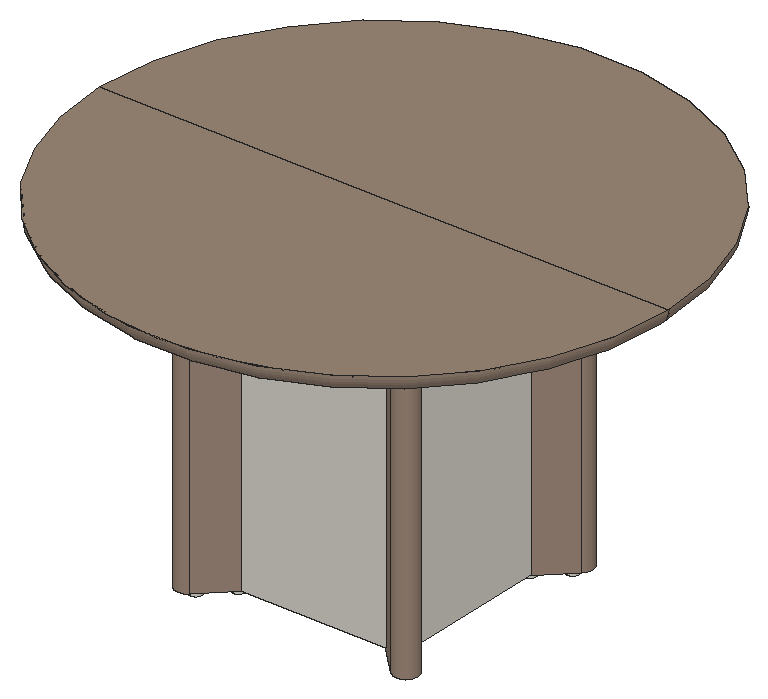
Revit family "Table-Teknion-CFRHBN_Figure_Table_Round_Gable_Enclosed_Base_Half_Bullnose_Edge-R2023", category Furniture, Revit 2023 (continued)
Definition of nested family "7 Inch Compact Recessed Access Door"
  Lines and regions (in)
    Masking region 1
      outline origin (0, 0, 0) x (1, 0, 0) y (0, 1, 0)
        loop
          arc (1347.01181, -147.48427) -> (1346.84758, -147.5523) -> (1346.77955, -147.71654) r 0.23226
          line (1346.77955, -147.71654) -> (1346.77955, -148.44827)
        loop
          line (1346.77955, -151.55173) -> (1346.77955, -152.28346)
          arc (1346.77955, -152.28346) -> (1346.84758, -152.4477) -> (1347.01181, -152.51573) r 0.23226
          line (1347.01181, -152.51573) -> (1352.98819, -152.51573)
          arc (1352.98819, -152.51573) -> (1353.15242, -152.4477) -> (1353.22045, -152.28346) r 0.23226
          line (1353.22045, -152.28346) -> (1353.22045, -151.55173) -> (1353.14837, -151.55173) -> (1353.14837, -151.85039)
          arc (1353.14837, -151.85039) -> (1353.11414, -151.93304) -> (1353.0315, -151.96727) r 0.11687
          line (1353.0315, -151.96727) -> (1346.9685, -151.96727)
          arc (1346.9685, -151.96727) -> (1346.88586, -151.93304) -> (1346.85163, -151.85039) r 0.11687
          line (1346.85163, -151.85039) -> (1346.85163, -151.55173) -> (1346.77955, -151.55173)
    symbolic lines
      curve 1: line (1346.73992, -152.28346, 0) -> (1346.73992, -147.71654, 0)
      curve 2: line (1347.01181, -147.44465, 0) -> (1352.98819, -147.44465, 0)
      curve 3: arc (1346.73992, -147.71654, 0) -> (1346.81956, -147.52428, 0) -> (1347.01181, -147.44465, 0) r 0.27189
      curve 4: line (1353.26008, -147.71654, 0) -> (1353.26008, -152.28346, 0)
      curve 5: arc (1352.98819, -147.44465, 0) -> (1353.18044, -147.52428, 0) -> (1353.26008, -147.71654, 0) r 0.27189
      curve 6: line (1352.98819, -152.55535, 0) -> (1347.01181, -152.55535, 0)
      curve 7: arc (1353.26008, -152.28346, 0) -> (1353.18044, -152.47572, 0) -> (1352.98819, -152.55535, 0) r 0.27189
      curve 8: arc (1347.01181, -152.55535, 0) -> (1346.81956, -152.47572, 0) -> (1346.73992, -152.28346, 0) r 0.27189
      curve 9: line (1346.85163, -148.14961, 0) -> (1346.85163, -151.85039, 0)
      curve 10: line (1353.14837, -151.85039, 0) -> (1353.14837, -148.14961, 0)
      curve 11: line (1346.77955, -147.71654, 0) -> (1346.77955, -152.28346, 0)
      curve 12: line (1353.22045, -147.71654, 0) -> (1353.22045, -152.28346, 0)
      curve 47: line (1346.85163, -148.14961, 0) -> (1346.85163, -151.85039, 0)
      curve 48: line (1353.0315, -148.03273, 0) -> (1346.9685, -148.03273, 0)
      curve 49: arc (1346.9685, -148.03273, 0) -> (1346.88586, -148.06696, 0) -> (1346.85163, -148.14961, 0) r 0.11687
      curve 50: line (1353.14837, -151.85039, 0) -> (1353.14837, -148.14961, 0)
      curve 51: arc (1353.14837, -148.14961, 0) -> (1353.11414, -148.06696, 0) -> (1353.0315, -148.03273, 0) r 0.11687
      curve 52: line (1346.9685, -151.96727, 0) -> (1353.0315, -151.96727, 0)
      curve 53: arc (1353.0315, -151.96727, 0) -> (1353.11414, -151.93304, 0) -> (1353.14837, -151.85039, 0) r 0.11687
      curve 54: arc (1346.85163, -151.85039, 0) -> (1346.88586, -151.93304, 0) -> (1346.9685, -151.96727, 0) r 0.11687
      curve 55: line (1346.77955, -152.28346, 0) -> (1346.77955, -151.55173, 0)
      curve 56: line (1352.98819, -152.51573, 0) -> (1347.01181, -152.51573, 0)
      curve 57: arc (1347.01181, -152.51573, 0) -> (1346.84758, -152.4477, 0) -> (1346.77955, -152.28346, 0) r 0.23226
      curve 58: line (1353.22045, -151.55173, 0) -> (1353.22045, -152.28346, 0)
      curve 59: arc (1353.22045, -152.28346, 0) -> (1353.15242, -152.4477, 0) -> (1352.98819, -152.51573, 0) r 0.23226
      curve 60: line (1346.77955, -148.44827, 0) -> (1346.77955, -147.71654, 0)
      curve 61: line (1347.01181, -147.48427, 0) -> (1352.98819, -147.48427, 0)
      curve 62: arc (1346.77955, -147.71654, 0) -> (1346.84758, -147.5523, 0) -> (1347.01181, -147.48427, 0) r 0.23226
      curve 63: line (1353.22045, -147.71654, 0) -> (1353.22045, -148.44827, 0)
      curve 64: arc (1352.98819, -147.48427, 0) -> (1353.15242, -147.5523, 0) -> (1353.22045, -147.71654, 0) r 0.23226
      curve 65: line (1353.04331, -147.19685, 0) -> (1346.95669, -147.19685, 0)
      curve 66: arc (1346.95669, -147.19685, 0) -> (1346.62819, -147.33292, 0) -> (1346.49213, -147.66142, 0) r 0.46457
      curve 67: line (1346.49213, -147.66142, 0) -> (1346.49213, -152.33858, 0)
      curve 68: arc (1346.49213, -152.33858, 0) -> (1346.62819, -152.66708, 0) -> (1346.95669, -152.80315, 0) r 0.46457
      curve 69: line (1346.95669, -152.80315, 0) -> (1353.04331, -152.80315, 0)
      curve 70: arc (1353.04331, -152.80315, 0) -> (1353.37181, -152.66708, 0) -> (1353.50787, -152.33858, 0) r 0.46457
      curve 71: line (1353.50787, -152.33858, 0) -> (1353.50787, -147.66142, 0)
      curve 72: arc (1353.50787, -147.66142, 0) -> (1353.37181, -147.33292, 0) -> (1353.04331, -147.19685, 0) r 0.46457
    symbolic lines, detail levels medium+fine
      curve 13: line (1347.54528, -150.97283, 0) -> (1348.02559, -150.97283, 0)
      curve 14: line (1348.02559, -150.97283, 0) -> (1348.02559, -151.5626, 0)
      curve 15: line (1348.02559, -151.5626, 0) -> (1347.54528, -151.5626, 0)
      curve 16: line (1347.54528, -151.5626, 0) -> (1347.54528, -150.97283, 0)
      curve 17: line (1351.97441, -148.4374, 0) -> (1352.45472, -148.4374, 0)
      curve 18: line (1351.97441, -149.02717, 0) -> (1351.97441, -148.4374, 0)
      curve 19: line (1352.45472, -149.02717, 0) -> (1351.97441, -149.02717, 0)
      curve 20: line (1352.45472, -148.4374, 0) -> (1352.45472, -149.02717, 0)
      curve 21: line (1347.05512, -148.44685, 0) -> (1347.47244, -148.44685, 0)
      curve 22: line (1347.05512, -151.55315, 0) -> (1347.05512, -148.44685, 0)
      curve 23: line (1347.47244, -151.55315, 0) -> (1347.05512, -151.55315, 0)
      curve 24: line (1347.47244, -148.44685, 0) -> (1347.47244, -151.55315, 0)
      curve 25: line (1347.02362, -151.55173, 0) -> (1346.73992, -151.55173, 0)
      curve 26: line (1347.02362, -151.55173, 0) -> (1347.02362, -148.44827, 0)
      curve 27: line (1347.02362, -148.44827, 0) -> (1346.73992, -148.44827, 0)
      curve 28: line (1346.77955, -148.55314, 0) -> (1347.41732, -148.55314, 0)
      curve 29: line (1347.41732, -148.55314, 0) -> (1347.41732, -151.44686, 0)
      curve 30: line (1347.41732, -151.44686, 0) -> (1346.77955, -151.44686, 0)
      curve 31: line (1347.02362, -149.80673, 0) -> (1346.93307, -149.80673, 0)
      curve 32: line (1346.93307, -149.80673, 0) -> (1346.93307, -150.19327, 0)
      curve 33: line (1346.93307, -150.19327, 0) -> (1347.02362, -150.19327, 0)
      curve 34: line (1352.94488, -148.44685, 0) -> (1352.52756, -148.44685, 0)
      curve 35: line (1352.94488, -151.55315, 0) -> (1352.94488, -148.44685, 0)
      curve 36: line (1352.52756, -151.55315, 0) -> (1352.94488, -151.55315, 0)
      curve 37: line (1352.52756, -148.44685, 0) -> (1352.52756, -151.55315, 0)
      curve 38: line (1352.97638, -151.55173, 0) -> (1353.26008, -151.55173, 0)
      curve 39: line (1352.97638, -151.55173, 0) -> (1352.97638, -148.44827, 0)
      curve 40: line (1352.97638, -148.44827, 0) -> (1353.26008, -148.44827, 0)
      curve 41: line (1353.22045, -148.55314, 0) -> (1352.58268, -148.55314, 0)
      curve 42: line (1352.58268, -148.55314, 0) -> (1352.58268, -151.44686, 0)
      curve 43: line (1352.58268, -151.44686, 0) -> (1353.22045, -151.44686, 0)
      curve 44: line (1352.97638, -149.80673, 0) -> (1353.06693, -149.80673, 0)
      curve 45: line (1353.06693, -149.80673, 0) -> (1353.06693, -150.19327, 0)
      curve 46: line (1353.06693, -150.19327, 0) -> (1352.97638, -150.19327, 0)
  Dimensions and locks (in)
    plane 4 "Left" to plane 5 "Right" = 7.01575"
    plane 6 "Back" to plane 7 "Front" = 5.6063"
    locked: plane 8 "Top" to level at 29.06
    equal spacing: plane 7 "Front", plane 1 "Center Front/Back", plane 6 "Back"
    equal spacing: plane 4 "Left", plane 3 "Center Left/Right", plane 5 "Right"
    plane 9 to plane 8 "Top" to plane 10 = 0.07087" locked, 1.50394" locked
    aligned and locked: level to plane 2
    aligned and locked: Sweep 6 sketch curve to plane 3 "Center Left/Right"
    aligned and locked: plane 3 "Center Left/Right" to SweptBlend 8 sketch curve
    aligned and locked: Sweep 10 sketch curve to plane 1 "Center Front/Back"
  Automatic sketch dimensions
    Sweep 1 sketch curve to plane 3 "Center Left/Right" = 0.000"
    Sweep 1 sketch curve to plane 8 "Top" = 0.12598"
    plane 8 "Top" to Sweep 1 sketch curve = 0.0315"
    Sweep 1 sketch curve to plane 1 "Center Front/Back" = 1.96727"
    Sweep 1 sketch curve to Sweep 1 sketch curve = 0.11687"  (x3)
    plane 1 "Center Front/Back" to Sweep 1 sketch curve = 1.85039"  (x2)
    profile plane to Sweep 1 sketch curve = 3.14837"
    Sweep 1 sketch curve to profile plane = 3.0315"
    plane 4 "Left" to Sweep 2 sketch curve = 1.05315"
    plane 1 "Center Front/Back" to Sweep 2 sketch curve = 0.97077"
    Sweep 2 sketch curve to Sweep 2 sketch curve = 0.48031"
    Sweep 2 sketch curve to profile plane = 0.000"
    profile plane to Sweep 2 sketch curve = 0.01169"
    Sweep 2 sketch curve to Sweep 2 sketch curve = 0.28526"
    Sweep 2 sketch curve to Sweep 2 sketch curve = 0.01169"
    level to Sweep 2 sketch curve = 28.65831"
    Sweep 2 sketch curve to Sweep 2 sketch curve = 0.33476"
    plane 5 "Right" to Sweep 3 sketch curve = 1.53346"
    Sweep 3 sketch curve to plane 6 "Back" = 1.23848"
    Sweep 3 sketch curve to Sweep 3 sketch curve = 0.48031"
    Sweep 3 sketch curve to profile plane = 0.000"
    profile plane to Sweep 3 sketch curve = 0.01169"
    Sweep 3 sketch curve to Sweep 3 sketch curve = 0.28526"
    Sweep 3 sketch curve to Sweep 3 sketch curve = 0.01169"
    level to Sweep 3 sketch curve = 28.65831"
    Sweep 3 sketch curve to Sweep 3 sketch curve = 0.33476"
    plane 1 "Center Front/Back" to Sweep 4 sketch curve = 0.000"
    plane 4 "Left" to Sweep 4 sketch curve = 0.56299"
    Sweep 4 sketch curve to Sweep 4 sketch curve = 0.41732"
    Sweep 4 sketch curve to Sweep 4 sketch curve = 0.000"  (x4)
    profile plane to Sweep 4 sketch curve = 1.26772"
    Sweep 4 sketch curve to profile plane = 1.26772"
    level to Sweep 4 sketch curve = 28.38283"
    Sweep 4 sketch curve to Sweep 4 sketch curve = 0.28543"
    plane 1 "Center Front/Back" to Sweep 5 sketch curve = 0.000"
    plane 5 "Right" to Sweep 5 sketch curve = 0.56299"
    Sweep 5 sketch curve to Sweep 5 sketch curve = 0.41732"
    Sweep 5 sketch curve to Sweep 5 sketch curve = 0.000"  (x4)
    profile plane to Sweep 5 sketch curve = 1.26772"
    Sweep 5 sketch curve to profile plane = 1.26772"
    level to Sweep 5 sketch curve = 28.38283"
    Sweep 5 sketch curve to Sweep 5 sketch curve = 0.28543"
    Sweep 6 sketch curve to plane 10 = 0.000"
    Sweep 6 sketch curve to Sweep 6 sketch curve = 0.74566"
    Sweep 6 sketch curve to Sweep 6 sketch curve = 0.000"  (x8)
    Sweep 6 sketch curve to plane 1 "Center Front/Back" = 2.60628"
    Sweep 6 sketch curve to Sweep 6 sketch curve = 0.09055"  (x2)
    Sweep 6 sketch curve to Sweep 6 sketch curve = 0.23226"  (x3)
    Sweep 6 sketch curve to Sweep 6 sketch curve = 0.8366"  (x4)
    Sweep 6 sketch curve to Sweep 6 sketch curve = 0.09061"  (x4)
    plane 1 "Center Front/Back" to Sweep 6 sketch curve = 1.35626"  (x2)
    profile plane to Sweep 6 sketch curve = 3.311"
    Sweep 6 sketch curve to Sweep 6 sketch curve = 0.63777"
    Sweep 6 sketch curve to profile plane = 2.58268"
    Sweep 6 sketch curve to Sweep 6 sketch curve = 0.40551"
    SweptBlend 7 sketch curve to plane 3 "Center Left/Right" = 0.000"
    SweptBlend 7 sketch curve to plane 8 "Top" = 0.000"
    plane 10 to SweptBlend 7 sketch curve = 0.74566"
    profile plane to SweptBlend 7 sketch curve = 3.311"
    SweptBlend 7 sketch curve to SweptBlend 7 sketch curve = 0.32281"  (x3)
    SweptBlend 7 sketch curve to profile plane = 2.98819"  (x4)
    SweptBlend 7 sketch curve to plane 1 "Center Front/Back" = 2.60628"
    plane 1 "Center Front/Back" to SweptBlend 7 sketch curve = 2.28346"  (x2)
    profile plane to SweptBlend 7 sketch curve = 3.35074"
    SweptBlend 7 sketch curve to SweptBlend 7 sketch curve = 0.36255"  (x3)
    SweptBlend 7 sketch curve to plane 1 "Center Front/Back" = 2.64602"
    SweptBlend 8 sketch curve to plane 9 = 0.000"
    plane 10 to SweptBlend 8 sketch curve = 0.74566"
    profile plane to SweptBlend 8 sketch curve = 3.22045"
    SweptBlend 8 sketch curve to SweptBlend 8 sketch curve = 0.23226"  (x3)
    SweptBlend 8 sketch curve to profile plane = 2.98819"  (x4)
    SweptBlend 8 sketch curve to plane 1 "Center Front/Back" = 2.51573"
    plane 1 "Center Front/Back" to SweptBlend 8 sketch curve = 2.28346"  (x2)
    profile plane to SweptBlend 8 sketch curve = 3.26378"
    SweptBlend 8 sketch curve to SweptBlend 8 sketch curve = 0.27559"  (x3)
    SweptBlend 8 sketch curve to plane 1 "Center Front/Back" = 2.28346"
    Sweep 9 sketch curve to plane 3 "Center Left/Right" = 0.000"
    Sweep 9 sketch curve to plane 8 "Top" = 0.000"
    Sweep 9 sketch curve to plane 9 = 0.000"
    Sweep 9 sketch curve to plane 1 "Center Front/Back" = 2.80315"
    Sweep 9 sketch curve to Sweep 9 sketch curve = 0.2478"  (x2)
    Sweep 9 sketch curve to Sweep 9 sketch curve = 0.21677"  (x4)
    Sweep 9 sketch curve to Sweep 9 sketch curve = 0.05512"  (x5)
    plane 1 "Center Front/Back" to Sweep 9 sketch curve = 2.28346"  (x2)
    profile plane to Sweep 9 sketch curve = 3.50787"
    Sweep 9 sketch curve to profile plane = 2.98819"
    plane 4 "Left" to Sweep 10 sketch curve = 0.22679"
    Sweep 10 sketch curve to Sweep 10 sketch curve = 0.30471"
    profile plane to Sweep 10 sketch curve = 1.55173"
    Sweep 10 sketch curve to Sweep 10 sketch curve = 0.01431"
    Sweep 10 sketch curve to Sweep 10 sketch curve = 0.07874"  (x2)
    Sweep 10 sketch curve to Sweep 10 sketch curve = 0.00137"  (x2)
    Sweep 10 sketch curve to Sweep 10 sketch curve = 0.23608"  (x2)
    Sweep 10 sketch curve to profile plane = 1.30134"
    Sweep 10 sketch curve to Sweep 10 sketch curve = 0.17027"
    level to Sweep 10 sketch curve = 28.30409"
    Sweep 10 sketch curve to Sweep 10 sketch curve = 0.000"
    Sweep 10 sketch curve to Sweep 10 sketch curve = 0.03937"
    Sweep 10 sketch curve to Sweep 10 sketch curve = 0.3622"  (x2)
    Sweep 10 sketch curve to Sweep 10 sketch curve = 0.00824"
    plane 1 "Center Front/Back" to Sweep 11 sketch curve = 0.000"
    plane 5 "Right" to Sweep 11 sketch curve = 0.22679"
    Sweep 11 sketch curve to Sweep 11 sketch curve = 0.30471"
    profile plane to Sweep 11 sketch curve = 1.55173"
    Sweep 11 sketch curve to Sweep 11 sketch curve = 0.01431"
    Sweep 11 sketch curve to Sweep 11 sketch curve = 0.07874"  (x2)
    Sweep 11 sketch curve to Sweep 11 sketch curve = 0.00137"  (x2)
    Sweep 11 sketch curve to Sweep 11 sketch curve = 0.23608"  (x2)
    Sweep 11 sketch curve to profile plane = 1.30134"
    Sweep 11 sketch curve to Sweep 11 sketch curve = 0.17027"
    level to Sweep 11 sketch curve = 28.30409"
    Sweep 11 sketch curve to Sweep 11 sketch curve = 0.000"
    Sweep 11 sketch curve to Sweep 11 sketch curve = 0.03937"
    Sweep 11 sketch curve to Sweep 11 sketch curve = 0.3622"  (x2)
    Sweep 11 sketch curve to Sweep 11 sketch curve = 0.00824"
    plane 1 "Center Front/Back" to Sweep 12 sketch curve = 0.000"
    plane 4 "Left" to Sweep 12 sketch curve = 0.44094"
    plane 5 "Right" to Sweep 12 sketch curve = 0.44094"
    profile plane to Sweep 12 sketch curve = 0.19327"
    Sweep 12 sketch curve to profile plane = 0.17902"
    Sweep 12 sketch curve to profile plane = 0.19327"
    Sweep 12 sketch curve to Sweep 12 sketch curve = 0.40783"  (x2)
    level to Sweep 12 sketch curve = 28.53406"
    profile plane to Sweep 12 sketch curve = 0.17902"
    Sweep 12 sketch curve to Sweep 12 sketch curve = 0.00625"
    Masking region 1 sketch curve to plane 4 "Left" = 0.000"
    Masking region 1 sketch curve to plane 6 "Back" = 0.000"
    plane 7 "Front" to Masking region 1 sketch curve = 0.000"
    Masking region 1 sketch curve to plane 5 "Right" = 0.000"
    plane 4 "Left" to Masking region 1 sketch curve = 0.28742"  (x2)
    Masking region 1 sketch curve to Masking region 1 sketch curve = 0.07208"  (x3)
    Masking region 1 sketch curve to Masking region 1 sketch curve = 0.17714"  (x2)
    plane 4 "Left" to Masking region 1 sketch curve = 0.46457"
    Masking region 1 sketch curve to Masking region 1 sketch curve = 0.11687"  (x4)
    Masking region 1 sketch curve to Masking region 1 sketch curve = 0.05512"  (x5)
    Masking region 1 sketch curve to plane 7 "Front" = 0.28742"
    plane 5 "Right" to Masking region 1 sketch curve = 0.51969"  (x2)
    Masking region 1 sketch curve to Masking region 1 sketch curve = 0.04331"  (x2)
    Masking region 1 sketch curve to Masking region 1 sketch curve = 0.3162"
    Masking region 1 sketch curve to Masking region 1 sketch curve = 0.29867"  (x3)
    Masking region 1 sketch curve to Masking region 1 sketch curve = 0.78686"  (x2)
    plane 4 "Left" to curve 1 = 0.2478"
    curve 31 to plane 1 "Center Front/Back" = 0.19327"
    plane 4 "Left" to curve 31 = 0.44094"
    curve 3 to curve 3 = 0.27189"
    curve 6 to plane 7 "Front" = 0.2478"
    curve 8 to curve 6 = 0.27189"
    curve 25 to curve 26 = 0.2837"
    curve 25 to curve 23 = 0.0315"
    curve 21 to curve 29 = 0.3622"
    curve 29 to curve 23 = 0.05512"
    curve 29 to curve 16 = 0.12795"
    curve 15 to curve 15 = 0.48031"
    plane 5 "Right" to curve 17 = 1.53346"
    curve 18 to curve 20 = 0.48031"
    plane 5 "Right" to curve 37 = 0.98031"
    curve 34 to curve 41 = 0.05512"
    curve 41 to curve 35 = 0.3622"
    curve 34 to curve 40 = 0.0315"
    curve 2 to plane 6 "Back" = 0.2478"
    plane 5 "Right" to curve 2 = 0.51969"
    plane 5 "Right" to curve 7 = 0.51969"
    curve 46 to curve 45 = 0.09055"
    plane 5 "Right" to curve 4 = 0.2478"
    curve 7 to curve 36 = 0.73031"
    curve 15 to curve 24 = 0.00945"
    curve 22 to curve 26 = 0.00142"
    curve 35 to curve 38 = 0.00142"
    curve 36 to curve 43 = 0.10628"
    curve 23 to curve 30 = 0.10628"
    curve 14 to curve 13 = 0.58977"
    plane 1 "Center Front/Back" to curve 32 = 0.19327"
    plane 1 "Center Front/Back" to curve 46 = 0.19327"
    curve 44 to plane 1 "Center Front/Back" = 0.19327"
    curve 44 to curve 19 = 0.77956"
    curve 19 to curve 42 = 0.47404"
    curve 28 to curve 26 = 0.10486"
    curve 41 to curve 39 = 0.10486"
    curve 39 to curve 34 = 0.00142"
    curve 26 to curve 21 = 0.00142"
    curve 34 to curve 17 = 0.00945"
    curve 25 to curve 9 = 0.11171"
    curve 10 to curve 40 = 0.11171"
    curve 12 to curve 7 = 0.03963"
    curve 8 to curve 11 = 0.000"
    curve 10 to curve 38 = 0.29867"
    curve 9 to curve 25 = 0.29867"
    curve 40 to curve 10 = 0.29867"
    curve 27 to curve 9 = 0.29867"
    curve 3 to curve 11 = 0.000"
    curve 12 to curve 5 = 0.000"
    curve 49 to curve 49 = 0.11687"
    curve 48 to curve 10 = 0.11687"
    curve 53 to curve 53 = 0.11687"
    curve 9 to curve 52 = 0.11687"
    curve 8 to curve 57 = 0.000"
    curve 56 to curve 6 = 0.000"
    curve 3 to curve 62 = 0.000"
    curve 61 to curve 2 = 0.000"
    curve 67 to plane 4 "Left" = 0.000"
    curve 65 to plane 6 "Back" = 0.000"
    plane 7 "Front" to curve 68 = 0.000"
    curve 70 to plane 5 "Right" = 0.000"
    curve 65 to curve 2 = 0.05512"
    curve 68 to curve 8 = 0.05512"
    curve 5 to curve 72 = 0.05512"
    curve 7 to curve 70 = 0.05512"
Definition of nested family "12 Inch Standard Recessed Access Door"
  Parameters (values of type "12 Inch Compact Recessed Access Door")
    Warranty = "http://www.teknion.com/ca/papers/legal-canada"
    Unit Weight URL = "http://www.teknion.com/ca/tools/assets#&asset=bee6a381-b954-425e-8283-5a2de3a804f2,f828d448-4b62-4231-9e5f-9a8991c0ed77"
    URL = "www.teknion.com"
    To render please download texture images found here [instance] = "https://assets.teknion.com/web/5e81352c1dfdb467/revit-material-swatches/"
    Sustainability Data = "https://www.teknion.com/ca/tools/assets#&topic=216f99a5-57a0-44fc-b10a-9dee9b29ae4c&asset=444deb64-fe58-4b68-981e-f75e97781df7,b4ff2d81-9f2e-437d-9659-7cffb09c31cf"
    Series = ""
    Product Page URL = ""
    Product Line = ""
    Product Documentation Link = ""
    Part Number = ""
    Model = "1"
    Manufacturer Phone = "416-661-3370"  # constant formula
    Manufacturer Fax = "416.661.4586"  # constant formula
    Manufacturer Contact Information = "http://www.teknion.com/ca/contactus"
    Manufacturer Address = "1150 Flint Road, Toronto, ON. M3J 2J5. Canada"  # constant formula
    Manufacturer = "Teknion"  # constant formula
    How To Use Teknion Materials User Guide [instance] = "https://assets.teknion.com/m/205dd0a49fa58060/original/How-to-add-a-Material-Library-and-Texture-Images-to-your-Revit-project.pdf"
    For Additional Finishes please visit [instance] = "https://assets.teknion.com/m/44a8009b046e5d47/original/Teknion_Materials_Library.zip"
    Finish [instance] = none
    Description = "12 Inch Compact Recessed Access Door"
    Default Elevation = 0.000"
    Assembly Code = "E2020200"
  Reference planes (in)
    plane 1 "Center Front/Back": y = -150
    plane 2: z = 0
    plane 3 "Center Left/Right": x = 1350
    plane 4 "Left": x = 1343.97244
    plane 5 "Right": x = 1356.02756
    plane 6 "Back": y = -147.19685
    plane 7 "Front": y = -152.80315
    plane 8 "Top": z = 29.06
    plane 9: z = 29.13087
    plane 10: z = 27.55606
  Forms (in)
    Sweep 1, solid, material <- "Finish"
      path origin (0, -150, 0) x (1, 0, 0) y (0, 0, 1)
        loop
          line (1350, 29.0915) -> (1350, 28.93402)
      profile origin (1350, -150, 29.01276) x (0, -1, 0) y (1, 0, 0)
        loop
          line (-1.96727, 5.55118) -> (-1.96727, -5.55118)
          arc (-1.96727, -5.55118) -> (-1.93304, -5.63382) -> (-1.85039, -5.66805) r 0.11687
          line (-1.85039, -5.66805) -> (1.85039, -5.66805)
          arc (1.85039, -5.66805) -> (1.93304, -5.63382) -> (1.96727, -5.55118) r 0.11687
          line (1.96727, -5.55118) -> (1.96727, 5.55118)
          arc (1.96727, 5.55118) -> (1.93304, 5.63382) -> (1.85039, 5.66805) r 0.11687
          line (1.85039, 5.66805) -> (-1.85039, 5.66805)
          arc (-1.85039, 5.66805) -> (-1.93304, 5.63382) -> (-1.96727, 5.55118) r 0.11687
    Sweep 2, solid, material <- "Finish"
      path origin (0, 0, 0) x (1, 0, 0) y (0, 1, 0)
        loop
          line (1345.02559, -150.97077) -> (1345.50591, -150.97077)
      profile origin (1345.26575, -150.97077, 0) x (0, 1, 0) y (0, 0, 1)
        loop
          arc (-0.58221, 28.65831) -> (-0.29695, 28.37305) -> (-0.01169, 28.65831) r 0.28526
          line (-0.01169, 28.65831) -> (0, 28.99307) -> (-0.5939, 28.99307) -> (-0.58221, 28.65831)
    Sweep 3, solid, material <- "Finish"
      path origin (4.42913, 2.53543, 0) x (1, 0, 0) y (0, 1, 0)
        loop
          line (1350.06496, -150.97077) -> (1350.54528, -150.97077)
      profile origin (1354.73425, -148.43533, 0) x (0, 1, 0) y (0, 0, 1)
        loop
          arc (-0.58221, 28.65831) -> (-0.29695, 28.37305) -> (-0.01169, 28.65831) r 0.28526
          line (-0.01169, 28.65831) -> (0, 28.99307) -> (-0.5939, 28.99307) -> (-0.58221, 28.65831)
    Sweep 4, solid, material <- "Finish"
      path origin (0, 0, 0) x (1, 0, 0) y (0, 1, 0)
        loop
          line (1344.95276, -150) -> (1344.53543, -150)
      profile origin (1344.74409, -150, 0) x (0, -1, 0) y (0, 0, 1)
        loop
          line (1.26772, 28.9537) -> (-1.26772, 28.9537)
          arc (-1.26772, 28.9537) -> (-1.46955, 28.8701) -> (-1.55315, 28.66827) r 0.28543
          arc (-1.55315, 28.66827) -> (-1.46955, 28.46644) -> (-1.26772, 28.38283) r 0.28543
          line (-1.26772, 28.38283) -> (1.26772, 28.38283)
          arc (1.26772, 28.38283) -> (1.46955, 28.46644) -> (1.55315, 28.66827) r 0.28543
          arc (1.55315, 28.66827) -> (1.46955, 28.8701) -> (1.26772, 28.9537) r 0.28543
    Sweep 5, solid, material <- "Finish"
      path origin (2700, 0, 0) x (-1, 0, 0) y (0, -1, 0)
        loop
          line (1344.95276, 150) -> (1344.53543, 150)
      profile origin (1355.25591, -150, 0) x (0, 1, 0) y (0, 0, 1)
        loop
          arc (-1.26772, 28.9537) -> (-1.46955, 28.8701) -> (-1.55315, 28.66827) r 0.28543
          arc (-1.55315, 28.66827) -> (-1.46955, 28.46644) -> (-1.26772, 28.38283) r 0.28543
          line (-1.26772, 28.38283) -> (1.26772, 28.38283)
          arc (1.26772, 28.38283) -> (1.46955, 28.46644) -> (1.55315, 28.66827) r 0.28543
          arc (1.55315, 28.66827) -> (1.46955, 28.8701) -> (1.26772, 28.9537) r 0.28543
          line (1.26772, 28.9537) -> (-1.26772, 28.9537)
    Sweep 6, solid, material <- "Finish"
      path origin (0, -150, 0) x (1, 0, 0) y (0, 0, 1)
        loop
          line (1350, 28.30172) -> (1350, 27.55606)
      profile origin (1350, -150, 27.92889) x (0, -1, 0) y (1, 0, 0)
        loop
          line (1.35626, -5.83069) -> (2.28346, -5.83069)
          arc (2.28346, -5.83069) -> (2.51173, -5.73614) -> (2.60628, -5.50787) r 0.32281
          line (2.60628, -5.50787) -> (2.60628, 5.50787)
          arc (2.60628, 5.50787) -> (2.51173, 5.73614) -> (2.28346, 5.83069) r 0.32281
          line (2.28346, 5.83069) -> (1.35626, 5.83069) -> (-1.35626, 5.83069) -> (-2.28346, 5.83069)
          arc (-2.28346, 5.83069) -> (-2.51173, 5.73614) -> (-2.60628, 5.50787) r 0.32281
          line (-2.60628, 5.50787) -> (-2.60628, -5.50787)
          arc (-2.60628, -5.50787) -> (-2.51173, -5.73614) -> (-2.28346, -5.83069) r 0.32281
          line (-2.28346, -5.83069) -> (-1.35626, -5.83069) -> (1.35626, -5.83069)
        loop
          arc (2.28346, -5.74014) -> (2.4477, -5.67211) -> (2.51573, -5.50787) r 0.23226
          line (2.51573, -5.50787) -> (2.51573, 5.50787)
          arc (2.51573, 5.50787) -> (2.4477, 5.67211) -> (2.28346, 5.74014) r 0.23226
          line (2.28346, 5.74014) -> (1.44686, 5.74014) -> (1.44686, 5.10236) -> (-1.44686, 5.10236) -> (-1.44686, 5.74014) -> (-2.28346, 5.74014)
          arc (-2.28346, 5.74014) -> (-2.4477, 5.67211) -> (-2.51573, 5.50787) r 0.23226
          line (-2.51573, 5.50787) -> (-2.51573, -5.50787)
          arc (-2.51573, -5.50787) -> (-2.4477, -5.67211) -> (-2.28346, -5.74014) r 0.23226
          line (-2.28346, -5.74014) -> (-1.44686, -5.74014) -> (-1.44686, -5.10236) -> (1.44686, -5.10236) -> (1.44686, -5.74014) -> (2.28346, -5.74014)
    SweptBlend 7, solid, material <- "Finish"
      path origin (0, -150, 0) x (1, 0, 0) y (0, 0, 1)
        loop
          line (1350, 28.30172) -> (1350, 29.06)
      profile origin (1350, -150, 28.30172) x (-1, 0, 0) y (0, -1, 0)
        loop
          line (5.50787, 2.60628) -> (-5.50787, 2.60628)
          arc (-5.50787, 2.60628) -> (-5.73614, 2.51173) -> (-5.83069, 2.28346) r 0.32281
          line (-5.83069, 2.28346) -> (-5.83069, -2.28346)
          arc (-5.83069, -2.28346) -> (-5.73614, -2.51173) -> (-5.50787, -2.60628) r 0.32281
          line (-5.50787, -2.60628) -> (5.50787, -2.60628)
          arc (5.50787, -2.60628) -> (5.73614, -2.51173) -> (5.83069, -2.28346) r 0.32281
          line (5.83069, -2.28346) -> (5.83069, 2.28346)
          arc (5.83069, 2.28346) -> (5.73614, 2.51173) -> (5.50787, 2.60628) r 0.32281
      end profile origin (1350, -150, 29.06) x (-1, 0, 0) y (0, -1, 0)
        loop
          line (5.50787, 2.64602) -> (-5.50787, 2.64602)
          arc (-5.50787, 2.64602) -> (-5.76424, 2.53983) -> (-5.87043, 2.28346) r 0.36255
          line (-5.87043, 2.28346) -> (-5.87043, -2.28346)
          arc (-5.87043, -2.28346) -> (-5.76424, -2.53983) -> (-5.50787, -2.64602) r 0.36255
          line (-5.50787, -2.64602) -> (5.50787, -2.64602)
          arc (5.50787, -2.64602) -> (5.76424, -2.53983) -> (5.87043, -2.28346) r 0.36255
          line (5.87043, -2.28346) -> (5.87043, 2.28346)
          arc (5.87043, 2.28346) -> (5.76424, 2.53983) -> (5.50787, 2.64602) r 0.36255
    SweptBlend 8, void
      path origin (0, -150, 0) x (1, 0, 0) y (0, 0, 1)
        loop
          line (1350, 28.30172) -> (1350, 29.13087)
      profile origin (1350, -150, 28.30172) x (-1, 0, 0) y (0, -1, 0)
        loop
          arc (-5.50787, 2.51573) -> (-5.67211, 2.4477) -> (-5.74014, 2.28346) r 0.23226
          line (-5.74014, 2.28346) -> (-5.74014, -2.28346)
          arc (-5.74014, -2.28346) -> (-5.67211, -2.4477) -> (-5.50787, -2.51573) r 0.23226
          line (-5.50787, -2.51573) -> (5.50787, -2.51573)
          arc (5.50787, -2.51573) -> (5.67211, -2.4477) -> (5.74014, -2.28346) r 0.23226
          line (5.74014, -2.28346) -> (5.74014, 2.28346)
          arc (5.74014, 2.28346) -> (5.67211, 2.4477) -> (5.50787, 2.51573) r 0.23226
          line (5.50787, 2.51573) -> (-5.50787, 2.51573)
      end profile origin (1350, -150, 29.13087) x (-1, 0, 0) y (0, -1, 0)
        loop
          arc (5.78346, 2.28346) -> (5.70275, 2.47834) -> (5.50787, 2.55906) r 0.27559
          line (5.50787, 2.55906) -> (-5.50787, 2.55906)
          arc (-5.50787, 2.55906) -> (-5.70275, 2.47834) -> (-5.78346, 2.28346) r 0.27559
          line (-5.78346, 2.28346) -> (-5.78346, -2.28346)
          arc (-5.78346, -2.28346) -> (-5.70275, -2.47834) -> (-5.50787, -2.55906) r 0.27559
          line (-5.50787, -2.55906) -> (5.50787, -2.55906)
          arc (5.50787, -2.55906) -> (5.70275, -2.47834) -> (5.78346, -2.28346) r 0.27559
          line (5.78346, -2.28346) -> (5.78346, 2.28346)
    Sweep 9, solid, material <- "Finish"
      path origin (0, -150, 0) x (1, 0, 0) y (0, 0, 1)
        loop
          line (1350, 29.13087) -> (1350, 29.06)
      profile origin (1350, -150, 29.09543) x (0, -1, 0) y (1, 0, 0)
        loop
          arc (-2.80315, -5.56299) -> (-2.66708, -5.89149) -> (-2.33858, -6.02756) r 0.46457
          line (-2.33858, -6.02756) -> (2.33858, -6.02756)
          arc (2.33858, -6.02756) -> (2.66708, -5.89149) -> (2.80315, -5.56299) r 0.46457
          line (2.80315, -5.56299) -> (2.80315, 5.56299)
          arc (2.80315, 5.56299) -> (2.66708, 5.89149) -> (2.33858, 6.02756) r 0.46457
          line (2.33858, 6.02756) -> (-2.33858, 6.02756)
          arc (-2.33858, 6.02756) -> (-2.66708, 5.89149) -> (-2.80315, 5.56299) r 0.46457
          line (-2.80315, 5.56299) -> (-2.80315, -5.56299)
        loop
          arc (-2.55535, -5.50787) -> (-2.47572, -5.70013) -> (-2.28346, -5.77976) r 0.27189
          line (-2.28346, -5.77976) -> (2.28346, -5.77976)
          arc (2.28346, -5.77976) -> (2.47572, -5.70013) -> (2.55535, -5.50787) r 0.27189
          line (2.55535, -5.50787) -> (2.55535, 5.50787)
          arc (2.55535, 5.50787) -> (2.47572, 5.70013) -> (2.28346, 5.77976) r 0.27189
          line (2.28346, 5.77976) -> (-2.28346, 5.77976)
          arc (-2.28346, 5.77976) -> (-2.47572, 5.70013) -> (-2.55535, 5.50787) r 0.27189
          line (-2.55535, 5.50787) -> (-2.55535, -5.50787)
    Sweep 10, solid, material <- "Finish"
      path origin (0, 0, 0) x (1, 0, 0) y (0, 1, 0)
        loop
          line (1344.50394, -150) -> (1344.19923, -150)
      profile origin (1344.35158, -150, 0) x (0, -1, 0) y (0, 0, 1)
        loop
          line (-1.55173, 28.30409) -> (-1.47299, 28.30409) -> (-1.47161, 28.34346) -> (1.47161, 28.34346) -> (1.47299, 28.30409) -> (1.55173, 28.30409) -> (1.53742, 28.71391)
          arc (1.53742, 28.71391) -> (1.46543, 28.87559) -> (1.30134, 28.94189) r 0.23622
          line (1.30134, 28.94189) -> (-1.30134, 28.94189)
          arc (-1.30134, 28.94189) -> (-1.46543, 28.87559) -> (-1.53742, 28.71391) r 0.23622
          line (-1.53742, 28.71391) -> (-1.55173, 28.30409)
    Sweep 11, solid, material <- "Finish"
      path origin (2700, 0, 0) x (-1, 0, 0) y (0, -1, 0)
        loop
          line (1344.50394, 150) -> (1344.19923, 150)
      profile origin (1355.64842, -150, 0) x (0, 1, 0) y (0, 0, 1)
        loop
          line (1.55173, 28.30409) -> (1.53742, 28.71391)
          arc (1.53742, 28.71391) -> (1.46543, 28.87559) -> (1.30134, 28.94189) r 0.23622
          line (1.30134, 28.94189) -> (-1.30134, 28.94189)
          arc (-1.30134, 28.94189) -> (-1.46543, 28.87559) -> (-1.53742, 28.71391) r 0.23622
          line (-1.53742, 28.71391) -> (-1.55173, 28.30409) -> (-1.47299, 28.30409) -> (-1.47161, 28.34346) -> (1.47161, 28.34346) -> (1.47299, 28.30409) -> (1.55173, 28.30409)
  Cuts and joins
    joined: Sweep 2, Sweep 3
    SweptBlend 8 cuts SweptBlend 7
    joined: Sweep 6, SweptBlend 7, Sweep 9, Sweep 10, Sweep 11
  Lines and regions (in)
    Masking region 1
      outline origin (-2.51969, 0, 0) x (1, 0, 0) y (0, 1, 0)
        loop
          line (1358.08268, -147.19685) -> (1346.95669, -147.19685)
          arc (1346.95669, -147.19685) -> (1346.62819, -147.33292) -> (1346.49213, -147.66142) r 0.46457
          line (1346.49213, -147.66142) -> (1346.49213, -152.33858)
          arc (1346.49213, -152.33858) -> (1346.62819, -152.66708) -> (1346.95669, -152.80315) r 0.46457
          line (1346.95669, -152.80315) -> (1358.08268, -152.80315)
          arc (1358.08268, -152.80315) -> (1358.41118, -152.66708) -> (1358.54724, -152.33858) r 0.46457
          line (1358.54724, -152.33858) -> (1358.54724, -147.66142)
          arc (1358.54724, -147.66142) -> (1358.41118, -147.33292) -> (1358.08268, -147.19685) r 0.46457
        loop
          line (1346.77955, -148.44827) -> (1346.85163, -148.44827) -> (1346.85163, -148.14961)
          arc (1346.85163, -148.14961) -> (1346.88586, -148.06696) -> (1346.9685, -148.03273) r 0.11687
          line (1346.9685, -148.03273) -> (1358.07087, -148.03273)
          arc (1358.07087, -148.03273) -> (1358.15351, -148.06696) -> (1358.18774, -148.14961) r 0.11687
          line (1358.18774, -148.14961) -> (1358.18774, -148.44827) -> (1358.25982, -148.44827) -> (1358.25982, -147.71654)
          arc (1358.25982, -147.71654) -> (1358.19179, -147.5523) -> (1358.02756, -147.48427) r 0.23226
          line (1358.02756, -147.48427) -> (1347.01181, -147.48427)
          arc (1347.01181, -147.48427) -> (1346.84758, -147.5523) -> (1346.77955, -147.71654) r 0.23226
          line (1346.77955, -147.71654) -> (1346.77955, -148.44827)
        loop
          line (1346.77955, -151.55173) -> (1346.77955, -152.28346)
          arc (1346.77955, -152.28346) -> (1346.84758, -152.4477) -> (1347.01181, -152.51573) r 0.23226
          line (1347.01181, -152.51573) -> (1358.02756, -152.51573)
          arc (1358.02756, -152.51573) -> (1358.19179, -152.4477) -> (1358.25982, -152.28346) r 0.23226
          line (1358.25982, -152.28346) -> (1358.25982, -151.55173) -> (1358.18774, -151.55173) -> (1358.18774, -151.85039)
          arc (1358.18774, -151.85039) -> (1358.15351, -151.93304) -> (1358.07087, -151.96727) r 0.11687
          line (1358.07087, -151.96727) -> (1346.9685, -151.96727)
          arc (1346.9685, -151.96727) -> (1346.88586, -151.93304) -> (1346.85163, -151.85039) r 0.11687
          line (1346.85163, -151.85039) -> (1346.85163, -151.55173) -> (1346.77955, -151.55173)
    symbolic lines
      curve 1: line (1344.22024, -152.28346, 0) -> (1344.22024, -147.71654, 0)
      curve 2: line (1344.49213, -147.44465, 0) -> (1355.50787, -147.44465, 0)
      curve 3: arc (1344.22024, -147.71654, 0) -> (1344.29987, -147.52428, 0) -> (1344.49213, -147.44465, 0) r 0.27189
      curve 4: line (1355.77976, -147.71654, 0) -> (1355.77976, -152.28346, 0)
      curve 5: arc (1355.50787, -147.44465, 0) -> (1355.70013, -147.52428, 0) -> (1355.77976, -147.71654, 0) r 0.27189
      curve 6: line (1355.50787, -152.55535, 0) -> (1344.49213, -152.55535, 0)
      curve 7: arc (1355.77976, -152.28346, 0) -> (1355.70013, -152.47572, 0) -> (1355.50787, -152.55535, 0) r 0.27189
      curve 8: arc (1344.49213, -152.55535, 0) -> (1344.29987, -152.47572, 0) -> (1344.22024, -152.28346, 0) r 0.27189
      curve 9: line (1344.33195, -148.14961, 0) -> (1344.33195, -151.85039, 0)
      curve 10: line (1355.66805, -151.85039, 0) -> (1355.66805, -148.14961, 0)
      curve 11: line (1344.25986, -147.71654, 0) -> (1344.25986, -152.28346, 0)
      curve 12: line (1355.74014, -147.71654, 0) -> (1355.74014, -152.28346, 0)
      curve 41: line (1344.33195, -148.14961, 0) -> (1344.33195, -151.85039, 0)
      curve 42: line (1355.55118, -148.03273, 0) -> (1344.44882, -148.03273, 0)
      curve 43: arc (1344.44882, -148.03273, 0) -> (1344.36618, -148.06696, 0) -> (1344.33195, -148.14961, 0) r 0.11687
      curve 44: line (1355.66805, -151.85039, 0) -> (1355.66805, -148.14961, 0)
      curve 45: arc (1355.66805, -148.14961, 0) -> (1355.63382, -148.06696, 0) -> (1355.55118, -148.03273, 0) r 0.11687
      curve 46: line (1344.44882, -151.96727, 0) -> (1355.55118, -151.96727, 0)
      curve 47: arc (1355.55118, -151.96727, 0) -> (1355.63382, -151.93304, 0) -> (1355.66805, -151.85039, 0) r 0.11687
      curve 48: arc (1344.33195, -151.85039, 0) -> (1344.36618, -151.93304, 0) -> (1344.44882, -151.96727, 0) r 0.11687
      curve 49: line (1344.25986, -152.28346, 0) -> (1344.25986, -151.55173, 0)
      curve 50: line (1355.50787, -152.51573, 0) -> (1344.49213, -152.51573, 0)
      curve 51: arc (1344.49213, -152.51573, 0) -> (1344.32789, -152.4477, 0) -> (1344.25986, -152.28346, 0) r 0.23226
      curve 52: line (1355.74014, -151.55173, 0) -> (1355.74014, -152.28346, 0)
      curve 53: arc (1355.74014, -152.28346, 0) -> (1355.67211, -152.4477, 0) -> (1355.50787, -152.51573, 0) r 0.23226
      curve 54: line (1344.25986, -148.44827, 0) -> (1344.25986, -147.71654, 0)
      curve 55: line (1344.49213, -147.48427, 0) -> (1355.50787, -147.48427, 0)
      curve 56: arc (1344.25986, -147.71654, 0) -> (1344.32789, -147.5523, 0) -> (1344.49213, -147.48427, 0) r 0.23226
      curve 57: line (1355.74014, -147.71654, 0) -> (1355.74014, -148.44827, 0)
      curve 58: arc (1355.50787, -147.48427, 0) -> (1355.67211, -147.5523, 0) -> (1355.74014, -147.71654, 0) r 0.23226
      curve 59: line (1355.56299, -147.19685, 0) -> (1344.43701, -147.19685, 0)
      curve 60: arc (1344.43701, -147.19685, 0) -> (1344.10851, -147.33292, 0) -> (1343.97244, -147.66142, 0) r 0.46457
      curve 61: line (1343.97244, -147.66142, 0) -> (1343.97244, -152.33858, 0)
      curve 62: arc (1343.97244, -152.33858, 0) -> (1344.10851, -152.66708, 0) -> (1344.43701, -152.80315, 0) r 0.46457
      curve 63: line (1344.43701, -152.80315, 0) -> (1355.56299, -152.80315, 0)
      curve 64: arc (1355.56299, -152.80315, 0) -> (1355.89149, -152.66708, 0) -> (1356.02756, -152.33858, 0) r 0.46457
      curve 65: line (1356.02756, -152.33858, 0) -> (1356.02756, -147.66142, 0)
      curve 66: arc (1356.02756, -147.66142, 0) -> (1355.89149, -147.33292, 0) -> (1355.56299, -147.19685, 0) r 0.46457
    symbolic lines, detail levels medium+fine
      curve 13: line (1345.02559, -150.97283, 0) -> (1345.50591, -150.97283, 0)
      curve 14: line (1345.50591, -150.97283, 0) -> (1345.50591, -151.5626, 0)
      curve 15: line (1345.50591, -151.5626, 0) -> (1345.02559, -151.5626, 0)
      curve 16: line (1345.02559, -151.5626, 0) -> (1345.02559, -150.97283, 0)
      curve 17: line (1354.49409, -148.4374, 0) -> (1354.97441, -148.4374, 0)
      curve 18: line (1354.49409, -149.02717, 0) -> (1354.49409, -148.4374, 0)
      curve 19: line (1354.97441, -149.02717, 0) -> (1354.49409, -149.02717, 0)
      curve 20: line (1354.97441, -148.4374, 0) -> (1354.97441, -149.02717, 0)
      curve 21: line (1344.53543, -148.44685, 0) -> (1344.95276, -148.44685, 0)
      curve 22: line (1344.53543, -151.55315, 0) -> (1344.53543, -148.44685, 0)
      curve 23: line (1344.95276, -151.55315, 0) -> (1344.53543, -151.55315, 0)
      curve 24: line (1344.95276, -148.44685, 0) -> (1344.95276, -151.55315, 0)
      curve 25: line (1344.50394, -151.55173, 0) -> (1344.22024, -151.55173, 0)
      curve 26: line (1344.50394, -151.55173, 0) -> (1344.50394, -148.44827, 0)
      curve 27: line (1344.50394, -148.44827, 0) -> (1344.22024, -148.44827, 0)
      curve 28: line (1344.25986, -148.55314, 0) -> (1344.89764, -148.55314, 0)
      curve 29: line (1344.89764, -148.55314, 0) -> (1344.89764, -151.44686, 0)
      curve 30: line (1344.89764, -151.44686, 0) -> (1344.25986, -151.44686, 0)
      curve 31: line (1355.46457, -148.44685, 0) -> (1355.04724, -148.44685, 0)
      curve 32: line (1355.46457, -151.55315, 0) -> (1355.46457, -148.44685, 0)
      curve 33: line (1355.04724, -151.55315, 0) -> (1355.46457, -151.55315, 0)
      curve 34: line (1355.04724, -148.44685, 0) -> (1355.04724, -151.55315, 0)
      curve 35: line (1355.49606, -151.55173, 0) -> (1355.77976, -151.55173, 0)
      curve 36: line (1355.49606, -151.55173, 0) -> (1355.49606, -148.44827, 0)
      curve 37: line (1355.49606, -148.44827, 0) -> (1355.77976, -148.44827, 0)
      curve 38: line (1355.74014, -148.55314, 0) -> (1355.10236, -148.55314, 0)
      curve 39: line (1355.10236, -148.55314, 0) -> (1355.10236, -151.44686, 0)
      curve 40: line (1355.10236, -151.44686, 0) -> (1355.74014, -151.44686, 0)
  Dimensions and locks (in)
    plane 4 "Left" to plane 5 "Right" = 12.05512"
    plane 6 "Back" to plane 7 "Front" = 5.6063"
    locked: plane 8 "Top" to level at 29.06
    equal spacing: plane 7 "Front", plane 1 "Center Front/Back", plane 6 "Back"
    equal spacing: plane 4 "Left", plane 3 "Center Left/Right", plane 5 "Right"
    plane 9 to plane 8 "Top" to plane 10 = 0.07087" locked, 1.50394" locked
    aligned and locked: level to plane 2
    aligned and locked: Sweep 6 sketch curve to plane 3 "Center Left/Right"
    aligned and locked: plane 3 "Center Left/Right" to SweptBlend 8 sketch curve
    aligned and locked: Sweep 10 sketch curve to plane 1 "Center Front/Back"
  Automatic sketch dimensions
    Sweep 1 sketch curve to plane 3 "Center Left/Right" = 0.000"
    Sweep 1 sketch curve to plane 8 "Top" = 0.12598"
    plane 8 "Top" to Sweep 1 sketch curve = 0.0315"
    Sweep 1 sketch curve to plane 1 "Center Front/Back" = 1.96727"
    Sweep 1 sketch curve to Sweep 1 sketch curve = 0.11687"  (x3)
    plane 1 "Center Front/Back" to Sweep 1 sketch curve = 1.85039"  (x2)
    profile plane to Sweep 1 sketch curve = 5.66805"
    Sweep 1 sketch curve to profile plane = 5.55118"
    plane 4 "Left" to Sweep 2 sketch curve = 1.05315"
    plane 1 "Center Front/Back" to Sweep 2 sketch curve = 0.97077"
    Sweep 2 sketch curve to Sweep 2 sketch curve = 0.48031"
    Sweep 2 sketch curve to profile plane = 0.000"
    profile plane to Sweep 2 sketch curve = 0.01169"
    Sweep 2 sketch curve to Sweep 2 sketch curve = 0.28526"
    Sweep 2 sketch curve to Sweep 2 sketch curve = 0.01169"
    level to Sweep 2 sketch curve = 28.65831"
    Sweep 2 sketch curve to Sweep 2 sketch curve = 0.33476"
    plane 5 "Right" to Sweep 3 sketch curve = 1.53346"
    Sweep 3 sketch curve to plane 6 "Back" = 1.23848"
    Sweep 3 sketch curve to Sweep 3 sketch curve = 0.48031"
    Sweep 3 sketch curve to profile plane = 0.000"
    profile plane to Sweep 3 sketch curve = 0.01169"
    Sweep 3 sketch curve to Sweep 3 sketch curve = 0.28526"
    Sweep 3 sketch curve to Sweep 3 sketch curve = 0.01169"
    level to Sweep 3 sketch curve = 28.65831"
    Sweep 3 sketch curve to Sweep 3 sketch curve = 0.33476"
    plane 1 "Center Front/Back" to Sweep 4 sketch curve = 0.000"
    plane 4 "Left" to Sweep 4 sketch curve = 0.56299"
    Sweep 4 sketch curve to Sweep 4 sketch curve = 0.41732"
    Sweep 4 sketch curve to Sweep 4 sketch curve = 0.000"  (x4)
    profile plane to Sweep 4 sketch curve = 1.26772"
    Sweep 4 sketch curve to profile plane = 1.26772"
    level to Sweep 4 sketch curve = 28.38283"
    Sweep 4 sketch curve to Sweep 4 sketch curve = 0.28543"
    plane 1 "Center Front/Back" to Sweep 5 sketch curve = 0.000"
    plane 5 "Right" to Sweep 5 sketch curve = 0.56299"
    Sweep 5 sketch curve to Sweep 5 sketch curve = 0.41732"
    Sweep 5 sketch curve to Sweep 5 sketch curve = 0.000"  (x4)
    profile plane to Sweep 5 sketch curve = 1.26772"
    Sweep 5 sketch curve to profile plane = 1.26772"
    level to Sweep 5 sketch curve = 28.38283"
    Sweep 5 sketch curve to Sweep 5 sketch curve = 0.28543"
    Sweep 6 sketch curve to plane 10 = 0.000"
    Sweep 6 sketch curve to Sweep 6 sketch curve = 0.74566"
    Sweep 6 sketch curve to Sweep 6 sketch curve = 0.000"  (x8)
    Sweep 6 sketch curve to plane 1 "Center Front/Back" = 2.60628"
    Sweep 6 sketch curve to Sweep 6 sketch curve = 0.09055"  (x2)
    Sweep 6 sketch curve to Sweep 6 sketch curve = 0.23226"  (x3)
    Sweep 6 sketch curve to Sweep 6 sketch curve = 0.8366"  (x4)
    Sweep 6 sketch curve to Sweep 6 sketch curve = 0.09061"  (x4)
    plane 1 "Center Front/Back" to Sweep 6 sketch curve = 1.35626"  (x2)
    profile plane to Sweep 6 sketch curve = 5.83069"
    Sweep 6 sketch curve to Sweep 6 sketch curve = 0.63777"
    Sweep 6 sketch curve to profile plane = 5.10236"
    Sweep 6 sketch curve to Sweep 6 sketch curve = 0.40551"
    SweptBlend 7 sketch curve to plane 3 "Center Left/Right" = 0.000"
    SweptBlend 7 sketch curve to plane 8 "Top" = 0.000"
    plane 10 to SweptBlend 7 sketch curve = 0.74566"
    profile plane to SweptBlend 7 sketch curve = 5.83069"
    SweptBlend 7 sketch curve to SweptBlend 7 sketch curve = 0.32281"  (x3)
    SweptBlend 7 sketch curve to profile plane = 5.50787"  (x3)
    SweptBlend 7 sketch curve to plane 1 "Center Front/Back" = 2.60628"
    plane 1 "Center Front/Back" to SweptBlend 7 sketch curve = 2.28346"  (x2)
    SweptBlend 8 sketch curve to plane 9 = 0.000"
    plane 10 to SweptBlend 8 sketch curve = 0.74566"
    profile plane to SweptBlend 8 sketch curve = 5.74014"
    SweptBlend 8 sketch curve to SweptBlend 8 sketch curve = 0.23226"  (x3)
    SweptBlend 8 sketch curve to profile plane = 5.50787"  (x4)
    SweptBlend 8 sketch curve to plane 1 "Center Front/Back" = 2.51573"
    plane 1 "Center Front/Back" to SweptBlend 8 sketch curve = 2.28346"  (x2)
    profile plane to SweptBlend 8 sketch curve = 5.78346"
    SweptBlend 8 sketch curve to SweptBlend 8 sketch curve = 0.27559"  (x3)
    SweptBlend 8 sketch curve to plane 1 "Center Front/Back" = 2.28346"
    Sweep 9 sketch curve to plane 3 "Center Left/Right" = 0.000"
    Sweep 9 sketch curve to plane 8 "Top" = 0.000"
    Sweep 9 sketch curve to plane 9 = 0.000"
    Sweep 9 sketch curve to plane 1 "Center Front/Back" = 2.80315"
    Sweep 9 sketch curve to Sweep 9 sketch curve = 0.2478"  (x2)
    Sweep 9 sketch curve to Sweep 9 sketch curve = 0.21677"  (x4)
    Sweep 9 sketch curve to Sweep 9 sketch curve = 0.05512"  (x5)
    plane 1 "Center Front/Back" to Sweep 9 sketch curve = 2.28346"  (x2)
    profile plane to Sweep 9 sketch curve = 6.02756"
    Sweep 9 sketch curve to profile plane = 5.50787"
    plane 4 "Left" to Sweep 10 sketch curve = 0.22679"
    Sweep 10 sketch curve to Sweep 10 sketch curve = 0.30471"
    profile plane to Sweep 10 sketch curve = 1.55173"
    Sweep 10 sketch curve to Sweep 10 sketch curve = 0.01431"
    Sweep 10 sketch curve to Sweep 10 sketch curve = 0.07874"  (x2)
    Sweep 10 sketch curve to Sweep 10 sketch curve = 0.00137"  (x2)
    Sweep 10 sketch curve to Sweep 10 sketch curve = 0.23608"  (x2)
    Sweep 10 sketch curve to profile plane = 1.30134"
    Sweep 10 sketch curve to Sweep 10 sketch curve = 0.17027"
    level to Sweep 10 sketch curve = 28.30409"
    Sweep 10 sketch curve to Sweep 10 sketch curve = 0.000"
    Sweep 10 sketch curve to Sweep 10 sketch curve = 0.03937"
    Sweep 10 sketch curve to Sweep 10 sketch curve = 0.3622"  (x2)
    Sweep 10 sketch curve to Sweep 10 sketch curve = 0.00824"
    plane 1 "Center Front/Back" to Sweep 11 sketch curve = 0.000"
    plane 5 "Right" to Sweep 11 sketch curve = 0.22679"
    Sweep 11 sketch curve to Sweep 11 sketch curve = 0.30471"
    profile plane to Sweep 11 sketch curve = 1.55173"
    Sweep 11 sketch curve to Sweep 11 sketch curve = 0.01431"
    Sweep 11 sketch curve to Sweep 11 sketch curve = 0.07874"  (x2)
    Sweep 11 sketch curve to Sweep 11 sketch curve = 0.00137"  (x2)
    Sweep 11 sketch curve to Sweep 11 sketch curve = 0.23608"  (x2)
    Sweep 11 sketch curve to profile plane = 1.30134"
    Sweep 11 sketch curve to Sweep 11 sketch curve = 0.17027"
    level to Sweep 11 sketch curve = 28.30409"
    Sweep 11 sketch curve to Sweep 11 sketch curve = 0.000"
    Sweep 11 sketch curve to Sweep 11 sketch curve = 0.03937"
    Sweep 11 sketch curve to Sweep 11 sketch curve = 0.3622"  (x2)
    Sweep 11 sketch curve to Sweep 11 sketch curve = 0.00824"
    SweptBlend 7 sketch curve to plane 1 "Center Front/Back" = 2.28346"
    profile plane to SweptBlend 7 sketch curve = 5.87043"
    SweptBlend 7 sketch curve to SweptBlend 7 sketch curve = 0.36255"  (x3)
    SweptBlend 7 sketch curve to SweptBlend 7 sketch curve = 0.000"
    curve 3 to curve 56 = 0.000"  (x2)
    curve 5 to curve 58 = 0.000"  (x2)
    curve 7 to curve 53 = 0.000"
    curve 8 to curve 51 = 0.000"  (x2)
    plane 6 "Back" to curve 59 = 0.000"
    plane 7 "Front" to curve 62 = 0.000"
    curve 61 to plane 7 "Front" = 0.46457"
    plane 5 "Right" to curve 61 = 12.05512"
    curve 60 to curve 1 = 0.2478"
    curve 3 to curve 54 = 0.03963"
    curve 54 to curve 9 = 0.07208"
    curve 11 to curve 59 = 0.17714"
    curve 48 to curve 46 = 0.11687"
    curve 43 to curve 42 = 0.11687"
    curve 62 to curve 6 = 0.05512"
    curve 60 to curve 3 = 0.05512"
    curve 49 to curve 26 = 0.24407"
    curve 26 to curve 22 = 0.0315"
    curve 22 to curve 30 = 0.3622"
    curve 29 to curve 23 = 0.05512"
    curve 23 to curve 15 = 0.07283"
    curve 15 to curve 14 = 0.48031"
    curve 18 to plane 6 "Back" = 1.24055"
    curve 21 to curve 18 = 9.54134"
    curve 18 to curve 19 = 0.48031"
    curve 33 to plane 7 "Front" = 1.250"
    curve 19 to curve 33 = 0.07283"
    curve 31 to curve 39 = 0.05512"
    curve 39 to curve 33 = 0.3622"
    curve 31 to curve 36 = 0.0315"
    curve 2 to plane 6 "Back" = 0.2478"
    curve 31 to curve 2 = 0.04331"
    curve 32 to curve 53 = 0.04331"
    curve 35 to curve 47 = 0.05512"
    curve 36 to curve 45 = 0.05512"
    curve 5 to curve 66 = 0.05512"
    curve 7 to curve 64 = 0.05512"
    curve 47 to curve 44 = 0.11687"
    curve 66 to curve 57 = 0.17714"
    curve 4 to curve 65 = 0.2478"
    curve 6 to curve 64 = 0.21677"
    curve 51 to curve 46 = 0.3162"
    curve 48 to curve 14 = 0.28779"
    curve 15 to curve 23 = 0.00945"
    curve 32 to curve 36 = 0.00142"
    curve 22 to curve 26 = 0.00142"
    curve 33 to curve 39 = 0.10628"
    curve 23 to curve 29 = 0.10628"
    curve 14 to curve 13 = 0.58977"
    curve 19 to curve 17 = 0.58977"
    curve 39 to curve 17 = 0.11574"
    curve 28 to curve 56 = 0.8366"
    curve 28 to curve 27 = 0.10486"
    curve 38 to curve 37 = 0.10486"
    curve 36 to curve 31 = 0.00142"
    curve 28 to curve 24 = 0.10628"
    curve 57 to curve 10 = 0.29867"
    plane 6 "Back" to Masking region 1 sketch curve = 0.000"
    plane 7 "Front" to Masking region 1 sketch curve = 0.000"
    Masking region 1 sketch curve to plane 7 "Front" = 0.46457"
    plane 5 "Right" to Masking region 1 sketch curve = 12.05512"
    Masking region 1 sketch curve to Masking region 1 sketch curve = 0.28742"  (x2)
    Masking region 1 sketch curve to Masking region 1 sketch curve = 0.17714"  (x3)
    Masking region 1 sketch curve to Masking region 1 sketch curve = 0.07208"  (x3)
    Masking region 1 sketch curve to Masking region 1 sketch curve = 0.11687"  (x4)
    Masking region 1 sketch curve to Masking region 1 sketch curve = 0.05512"  (x4)
    Masking region 1 sketch curve to plane 7 "Front" = 0.28742"
    Masking region 1 sketch curve to Masking region 1 sketch curve = 11.01575"
    Masking region 1 sketch curve to plane 6 "Back" = 0.51969"
    Masking region 1 sketch curve to Masking region 1 sketch curve = 0.000"
    Masking region 1 sketch curve to Masking region 1 sketch curve = 0.04331"  (x2)
    Masking region 1 sketch curve to Masking region 1 sketch curve = 0.3162"
    Masking region 1 sketch curve to Masking region 1 sketch curve = 0.29867"  (x3)
    Masking region 1 sketch curve to Masking region 1 sketch curve = 0.73174"  (x2)
Definition of nested family "Round - Gable Enclosed Base"
  Parameters (values of type "Round, Gable Enclosed Base")
    Width [instance] = 66.000"
    Warranty = "http://www.teknion.com/ca/papers/legal-canada"
    Unit Weight URL = "http://www.teknion.com/ca/tools/assets#&asset=bee6a381-b954-425e-8283-5a2de3a804f2,f828d448-4b62-4231-9e5f-9a8991c0ed77"
    URL = "www.teknion.com"
    To render please download texture images found here [instance] = "https://assets.teknion.com/web/5e81352c1dfdb467/revit-material-swatches/"
    Sustainability Data = "https://www.teknion.com/ca/tools/assets#&topic=216f99a5-57a0-44fc-b10a-9dee9b29ae4c&asset=444deb64-fe58-4b68-981e-f75e97781df7,b4ff2d81-9f2e-437d-9659-7cffb09c31cf"
    Series = "Custom Wood Boardroom & Reception Tables"  # constant formula
    Product Page URL = "https://www.teknion.com/ca/products/product-details?productLineId=f182336e-8e7a-673b-a6c8-ff00004460c4"
    Product Line = "Figure Table"  # constant formula
    Product Documentation Link = ""
    Part Number = ""
    Model = ""
    Manufacturer Phone = "416-661-3370"  # constant formula
    Manufacturer Fax = "416.661.4586"  # constant formula
    Manufacturer Contact Information = "http://www.teknion.com/ca/contactus"
    Manufacturer Address = "1150 Flint Road, Toronto, ON. M3J 2J5. Canada"  # constant formula
    Manufacturer = "Teknion"  # constant formula
    How To Use Teknion Materials User Guide [instance] = "https://assets.teknion.com/m/205dd0a49fa58060/original/How-to-add-a-Material-Library-and-Texture-Images-to-your-Revit-project.pdf"
    Glide Finish [instance] = none
    For Additional Finishes please visit [instance] = "https://assets.teknion.com/m/44a8009b046e5d47/original/Teknion_Materials_Library.zip"
    Dim 5 [instance] = if(Width = 48.000", 9.657", if(Width > 75.000", 12.485", 11.071"))  # 11.071"
    Dim 4 [instance] = if(Width = 48.000", 6.657", if((or(Width = 54.000", Width = 60.000")), 9.485", if((or(Width = 66.000", Width = 72.000")), 11.607", 13.728")))  # 11.607"
    Dim 3 [instance] = if(Width = 48.000", 6.657", if(Width > 75.000", 9.485", 8.071"))  # 8.071"
    Dim 2 [instance] = if(Width = 54.000", 17.000", if(Width = 60.000", 20.000", if(Width = 66.000", 23.000", if(Width = 72.000", 26.000", if(Width = 78.000", 29.000", if(Width = 84.000", 32.000", if(Width = 90.000", 35.000", 14.000")))))))  # 23.000"
    Dim 1 [instance] = if((or(Width = 54.000", Width = 60.000")), 9.000", if((or(Width = 66.000", Width = 72.000")), 12.000", if(Width = 78.000", 15.000", if(Width = 84.000", 18.000", if(Width = 90.000", 21.000", 7.500")))))  # 12.000"
    Description = "Round, Gable Enclosed Base"
    Default Elevation = 0.000"
    Base Finish [instance] = none
    Base Accent Finish [instance] = none
    Available Width [instance] = "48, 54, 60, 66, 72, 78, 84 & 90 Inch"  # constant formula
    Assembly Code = "E2020200"
  Reference planes (in)
    plane 1 "Center Front/Back": y = 0
    plane 2: z = 0
    plane 3 "Center Left/Right": x = 0
    plane 4 "Left": x = -33
    plane 5 "Right": x = 33
    plane 6 "Back": y = 33
    plane 7 "Front": y = -33
    plane 8 "Top": z = 29
    plane 9: y = 9
    plane 10: y = -9
    plane 11: z = 27.5
    plane 12: z = 26.75197
    plane 13: y = 12
    plane 14: y = -12
    plane 15: through (-45, -45, 48) normal (-0.7071, 0.7071, 0)
    plane 16: through (45, -45, 48) normal (-0.7071, -0.7071, 0)
    plane 17: x = 12
    plane 18: x = -12
    plane 19: through (61.26346, -28.73654, 48) normal (-0.7071, -0.7071, 0)
    plane 20: through (28.73654, -61.26346, 48) normal (-0.7071, -0.7071, 0)
    plane 21: through (-61.26346, -28.73654, 48) normal (-0.7071, 0.7071, 0)
    plane 22: through (-28.73654, -61.26346, 48) normal (-0.7071, 0.7071, 0)
    plane 23: through (37.17162, -52.82838, 48) normal (-0.7071, -0.7071, 0)
    plane 24: through (52.82838, -37.17162, 48) normal (-0.7071, -0.7071, 0)
    plane 25: through (-52.82838, -37.17162, 48) normal (-0.7071, 0.7071, 0)
    plane 26: through (-37.17162, -52.82838, 48) normal (-0.7071, 0.7071, 0)
  Forms (in)
    Sweep 1, solid, material <- "Base Finish"
      path origin (0, 0, 0) x (1, 0, 0) y (0, 0, 1)
        loop
          line (0, 0.5) -> (0, 26.75197)
      profile origin (0, 0, 13.62598) x (-1, 0, 0) y (0, -1, 0)
        loop
          arc (14.84924, -16.26346) -> (16.26346, -16.26346) -> (16.26346, -14.84924) r 1
          line (16.26346, -14.84924) -> (1.41421, 0) -> (16.26346, 14.84924)
          arc (16.26346, 14.84924) -> (16.26346, 16.26346) -> (14.84924, 16.26346) r 1
          line (14.84924, 16.26346) -> (0, 1.41421) -> (-14.84924, 16.26346)
          arc (-14.84924, 16.26346) -> (-16.26346, 16.26346) -> (-16.26346, 14.84924) r 1
          line (-16.26346, 14.84924) -> (-1.41421, 0) -> (-16.26346, -14.84924)
          arc (-16.26346, -14.84924) -> (-16.26346, -16.26346) -> (-14.84924, -16.26346) r 1
